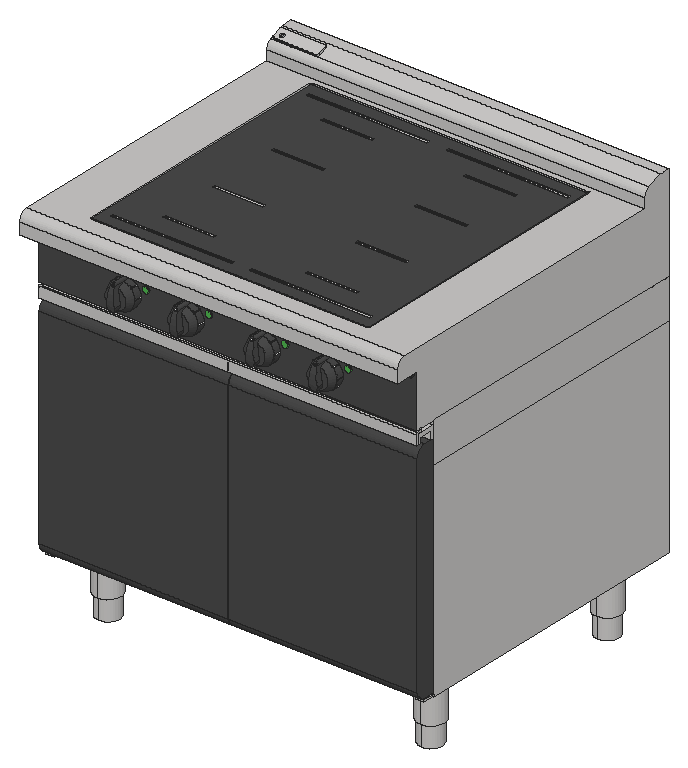
Revit family "QF_Moffat_INLB8400F-CD_Induction_Cooktop_cat", category Specialty Equipment, Revit 2019
Family settings
  Round Connector Dimension = Use Diameter
  Part Type = Normal
  Work Plane-Based = No
  Always vertical = Yes
  Cut with Voids When Loaded = No
  Shared = No
  Room Calculation Point = No
Parameters (values of type "INLB8400F-CD_415/60/3")
  Weight in Kilograms = 105
  Watts = 20000 W
  Volts = 415 V
  URL Cutsheet = ""
  Specification by User = ""
  Specification by Manufacturer = ""
  Show Logo [instance] = yes
  Serial Number = ""
  Seismic Rating = ""
  SMACNA No = ""
  Revision Code = ""
  Phase = 3
  Number of Poles = 1
  NAFEM Spec ID Number = ""
  Model = "INLB8400F-CD"
  Min Ckt Ampacity = 0 A
  Max Overcurrent Protection = 0 A
  Masterspec = ""
  Manufacturer = "Moffat"
  Length = 900 mm
  Item Number = ""
  Installed By = ""
  Identify Quantity as Lot = yes
  Height = 970 mm
  HP = ""
  Furnished By = ""
  Foodservice Equipment Identifier = yes
  FL Amps = 28 A
  Electrical Remarks = ""
  Electric Connection Type = ""
  Elec Conn RI Height = 0 mm
  Elec Conn Connection Height = 0 mm
  Description = "Induction Cooktop"
  Depth = 805 mm
  Cycle = 60 Hz
  Conn Plug = ""
  Conn Conduit = yes
  CSI MasterFormat = ""
  Apparent Power = 19376 VA
Reference planes
  plane 1 "BACK": y = 0
  plane 2: z = 0
  plane 3 "LEFT": x = 0
  plane 4 "RIGHT": x = 900
  plane 5 "FRONT": y = -805
  plane 6 "TOP": z = 970
  plane 7 "Center Y": x = 450
  plane 8 "Center X": y = -402.5
  plane 9: x = 65.5
  plane 10: x = 834.5
  plane 11: y = -30
  plane 12: z = 150
  plane 13: y = -100
  plane 14: y = -625
  plane 15: y = -70
  plane 16: z = 915
  plane 17: x = 770
Forms (mm)
  Extrusion 1, solid, material "QF_Metal_Stainless_Polished"
    sketch origin (0, 0, 560) x (0, 1, 0) y (0, 0, 1)
      loop
        line (0, 180) -> (0, 410) -> (-24.305, 410) -> (-57.632, 395.853)
        arc (-57.632, 395.853) -> (-66.628, 388.372) -> (-70, 377.167) r 20.3
        line (-70, 377.167) -> (-70, 355) -> (-784.417, 355)
        arc (-784.417, 355) -> (-798.971, 348.971) -> (-805, 334.417) r 20.583
        line (-805, 334.417) -> (-805, 305) -> (-749, 305) -> (-749, 180) -> (0, 180)
    from 0 to 900
  Extrusion 2, void
    sketch origin (0, -784.171, 915) x (0, 1, 0) y (-1, 0, 0)
      loop
        arc (699.341, -122.382) -> (697.584, -118.139) -> (693.341, -116.382) r 6
        line (693.341, -116.382) -> (45.245, -116.382)
        arc (45.245, -116.382) -> (41.002, -118.139) -> (39.245, -122.382) r 6
        line (39.245, -122.382) -> (39.245, -777.618)
        arc (39.245, -777.618) -> (41.002, -781.861) -> (45.245, -783.618) r 6
        line (45.245, -783.618) -> (693.341, -783.618)
        arc (693.341, -783.618) -> (697.584, -781.861) -> (699.341, -777.618) r 6
        line (699.341, -777.618) -> (699.341, -122.382)
    from 0 to -9.5
  Extrusion 3, solid, material "QF_Plastic_Black_Smooth"
    sketch origin (0, -784.171, 915) x (0, 1, 0) y (-1, 0, 0)
      loop
        line (695.341, -777.618) -> (695.341, -122.382)
        arc (695.341, -122.382) -> (694.755, -120.968) -> (693.341, -120.382) r 2
        line (693.341, -120.382) -> (45.245, -120.382)
        arc (45.245, -120.382) -> (43.831, -120.968) -> (43.245, -122.382) r 2
        line (43.245, -122.382) -> (43.245, -777.618)
        arc (43.245, -777.618) -> (43.831, -779.032) -> (45.245, -779.618) r 2
        line (45.245, -779.618) -> (693.341, -779.618)
        arc (693.341, -779.618) -> (694.755, -779.032) -> (695.341, -777.618) r 2
      loop
        line (663.444, -138.924) -> (657.444, -138.924) -> (657.444, -426.076) -> (663.444, -426.076) -> (663.444, -138.924)
      loop
        line (78.838, -141.424) -> (72.838, -141.424) -> (72.838, -428.576) -> (78.838, -428.576) -> (78.838, -141.424)
      loop
        line (663.444, -761.076) -> (663.444, -473.924) -> (657.444, -473.924) -> (657.444, -761.076) -> (663.444, -761.076)
      loop
        line (78.838, -758.576) -> (78.838, -471.424) -> (72.838, -471.424) -> (72.838, -758.576) -> (78.838, -758.576)
      loop
        line (600.671, -220) -> (600.671, -340) -> (606.671, -340) -> (606.671, -220) -> (600.671, -220)
      loop
        line (454.421, -220) -> (454.421, -340) -> (460.421, -340) -> (460.421, -220) -> (454.421, -220)
      loop
        line (283.728, -340) -> (283.728, -220) -> (277.728, -220) -> (277.728, -340) -> (283.728, -340)
      loop
        line (136.404, -340) -> (136.404, -220) -> (130.404, -220) -> (130.404, -340) -> (136.404, -340)
      loop
        line (600.671, -680) -> (606.671, -680) -> (606.671, -560) -> (600.671, -560) -> (600.671, -680)
      loop
        line (454.421, -680) -> (460.421, -680) -> (460.421, -560) -> (454.421, -560) -> (454.421, -680)
      loop
        line (283.728, -560) -> (277.728, -560) -> (277.728, -680) -> (283.728, -680) -> (283.728, -560)
      loop
        line (136.404, -560) -> (130.404, -560) -> (130.404, -680) -> (136.404, -680) -> (136.404, -560)
    from 0 to -9.5
  Extrusion 4, solid, material "QF_Metal_Stainless_Polished"
    sketch origin (0, 0, 600) x (0, 1, 0) y (0, 0, 1)
      loop
        line (-739.467, 140) -> (-738.192, 134.838)
        arc (-738.192, 134.838) -> (-738.307, 134.302) -> (-738.799, 134.063) r 0.625
        line (-738.799, 134.063) -> (-746.111, 134.063)
        arc (-746.111, 134.063) -> (-748.011, 133.276) -> (-748.797, 131.377) r 2.686
        line (-748.797, 131.377) -> (-748.797, 107.627) -> (-747.197, 107.627) -> (-747.197, 131.242)
        arc (-747.197, 131.242) -> (-746.84, 132.105) -> (-745.976, 132.463) r 1.221
        line (-745.976, 132.463) -> (-738.755, 132.463)
        arc (-738.755, 132.463) -> (-737.028, 133.304) -> (-736.625, 135.182) r 2.194
        line (-736.625, 135.182) -> (-737.815, 140) -> (-739.467, 140)
    from 0 to 900
  Extrusion 5, solid, material "QF_Plastic_Black_Smooth"
    sketch origin (0, -749, 741.875) x (0, 0, 1) y (-1, 0, 0)
      loop
        circle (112.843, -13.157) r 5
      loop
        circle (112.843, -886.843) r 5
    from 0 to 1.6
  Extrusion 6, solid, material "QF_Metal_Stainless_Polished"
    sketch origin (450, -699, 645) x (0, 1, 0) y (1, 0, 0)
      loop
        circle (669, 320) r 6.35
    from 0 to 10
  Extrusion 7, solid, material "QF_Metal_Stainless_Polished"
    sketch origin (0, -699, 645) x (1, 0, 0) y (0, -1, 0)
      loop
        line (0, -699) -> (900, -699) -> (900, 0) -> (849.2, 0) -> (849.2, -25.4) -> (485.8, -25.4) -> (485.8, 0) -> (414.2, 0) -> (414.2, -25.4) -> (50.8, -25.4) -> (50.8, 0) -> (0, 0) -> (0, -699)
    from 0 to -95
  Extrusion 8, solid, material "QF_Metal_Stainless_Polished"
    sketch origin (50.8, -30, 645) x (0, 1, 0) y (0, 0, 1)
      loop
        line (-669, 0) -> (-643.6, 0) -> (-643.6, 26.45) -> (-669, 26.45) -> (-669, 0)
      loop
        line (-669, 32.45) -> (-643.6, 32.45) -> (-643.6, 66.4) -> (-669, 66.4) -> (-669, 32.45)
      loop
        line (-669, 67.4) -> (-643.6, 67.4) -> (-643.6, 95) -> (-669, 95) -> (-669, 67.4)
    from 0 to 363.4
  Extrusion 9, solid, material "QF_Metal_Stainless_Polished"
    sketch origin (900, 0, 560) x (-1, 0, 0) y (0, -1, 0)
      loop
        line (761.076, 126.726) -> (473.924, 126.726) -> (473.924, 120.726) -> (761.076, 120.726) -> (761.076, 126.726)
      loop
        line (680, 183.5) -> (560, 183.5) -> (560, 177.5) -> (680, 177.5) -> (680, 183.5)
      loop
        line (680, 329.75) -> (560, 329.75) -> (560, 323.75) -> (680, 323.75) -> (680, 329.75)
      loop
        line (680, 506.443) -> (560, 506.443) -> (560, 500.443) -> (680, 500.443) -> (680, 506.443)
      loop
        line (680, 653.766) -> (560, 653.766) -> (560, 647.766) -> (680, 647.766) -> (680, 653.766)
      loop
        line (758.576, 711.333) -> (471.424, 711.333) -> (471.424, 705.333) -> (758.576, 705.333) -> (758.576, 711.333)
      loop
        line (138.924, 126.726) -> (138.924, 120.726) -> (426.076, 120.726) -> (426.076, 126.726) -> (138.924, 126.726)
      loop
        line (220, 183.5) -> (220, 177.5) -> (340, 177.5) -> (340, 183.5) -> (220, 183.5)
      loop
        line (220, 329.75) -> (220, 323.75) -> (340, 323.75) -> (340, 329.75) -> (220, 329.75)
      loop
        line (220, 506.443) -> (220, 500.443) -> (340, 500.443) -> (340, 506.443) -> (220, 506.443)
      loop
        line (220, 653.766) -> (220, 647.766) -> (340, 647.766) -> (340, 653.766) -> (220, 653.766)
      loop
        line (141.424, 711.333) -> (141.424, 705.333) -> (428.576, 705.333) -> (428.576, 711.333) -> (141.424, 711.333)
    from 355 to 345.5
  Extrusion 10, solid, material "QF_Paint_Green"
    sketch origin (123.231, -748.999, 713.75) x (0, 0, 1) y (-1, 0, 0)
      loop
        circle (100.3, -282.5) r 7.15
    from 0 to 1.6
  Extrusion 11, solid, material "QF_Plastic_Black_Smooth"
    sketch origin (135, -748.999, 725.625) x (0, 0, 1) y (-1, 0, 0)
      loop
        circle (112.843, -225) r 5
    from 0 to 1.6
  Extrusion 12, solid, material "QF_Paint_Green"
    sketch origin (-26.769, -748.999, 713.75) x (0, 0, 1) y (-1, 0, 0)
      loop
        circle (100.3, -282.5) r 7.15
    from 0 to 1.6
  Extrusion 13, solid, material "QF_Plastic_Black_Smooth"
    sketch origin (-15, -748.999, 725.625) x (0, 0, 1) y (-1, 0, 0)
      loop
        circle (112.843, -225) r 5
    from 0 to 1.6
  Extrusion 14, solid, material "QF_Paint_Green"
    sketch origin (454.481, -748.999, 713.75) x (0, 0, 1) y (-1, 0, 0)
      loop
        circle (100.3, -282.5) r 7.15
    from 0 to 1.6
  Extrusion 15, solid, material "QF_Plastic_Black_Smooth"
    sketch origin (466.25, -748.999, 725.625) x (0, 0, 1) y (-1, 0, 0)
      loop
        circle (112.843, -225) r 5
    from 0 to 1.6
  Extrusion 16, solid, material "QF_Paint_Green"
    sketch origin (304.481, -748.999, 713.75) x (0, 0, 1) y (-1, 0, 0)
      loop
        circle (100.3, -282.5) r 7.15
    from 0 to 1.6
  Extrusion 17, solid, material "QF_Plastic_Black_Smooth"
    sketch origin (316.25, -748.999, 725.625) x (0, 0, 1) y (-1, 0, 0)
      loop
        circle (112.843, -225) r 5
    from 0 to 1.6
  Extrusion 18, solid, material "QF_Metal_Stainless_Polished"
    sketch origin (849.2, -30, 645) x (0, 1, 0) y (0, 0, -1)
      loop
        line (-669, 0) -> (-669, -26.45) -> (-643.6, -26.45) -> (-643.6, 0) -> (-669, 0)
      loop
        line (-669, -32.45) -> (-669, -66.4) -> (-643.6, -66.4) -> (-643.6, -32.45) -> (-669, -32.45)
      loop
        line (-669, -67.4) -> (-669, -95) -> (-643.6, -95) -> (-643.6, -67.4) -> (-669, -67.4)
    from 0 to 363.4
Cuts and joins
  Extrusion 2 cuts Extrusion 1
Lines and regions (mm)
  symbolic lines
    curve 1: line (0, 0, 0) -> (900, 0, 0)
    curve 2: line (0, -805, 0) -> (0, 0, 0)
    curve 3: line (900, -805, 0) -> (0, -805, 0)
    curve 4: line (900, 0, 0) -> (900, -805, 0)
    curve 5: line (0, -18.182, 0) -> (900, -18.182, 0)
    curve 6: line (0, -70, 0) -> (450, -70, 0)
    curve 7: line (122.382, -84.83, 0) -> (777.618, -84.83, 0)
    curve 8: arc (777.618, -84.83, 0) -> (781.861, -86.587, 0) -> (783.618, -90.83, 0) r 6
    curve 9: line (783.618, -90.83, 0) -> (783.618, -738.926, 0)
    curve 10: arc (783.618, -738.926, 0) -> (781.861, -743.168, 0) -> (777.618, -744.926, 0) r 6
    curve 11: line (777.618, -744.926, 0) -> (122.382, -744.926, 0)
    curve 12: arc (122.382, -744.926, 0) -> (118.139, -743.168, 0) -> (116.382, -738.926, 0) r 6
    curve 13: line (116.382, -738.926, 0) -> (116.382, -90.83, 0)
    curve 14: arc (116.382, -90.83, 0) -> (118.139, -86.587, 0) -> (122.382, -84.83, 0) r 6
    curve 15: line (777.618, -88.83, 0) -> (122.382, -88.83, 0)
    curve 16: arc (122.382, -88.83, 0) -> (120.968, -89.415, 0) -> (120.382, -90.83, 0) r 2
    curve 17: line (120.382, -90.83, 0) -> (120.382, -738.926, 0)
    curve 18: arc (120.382, -738.926, 0) -> (120.968, -740.34, 0) -> (122.382, -740.926, 0) r 2
    curve 19: line (122.382, -740.926, 0) -> (777.618, -740.926, 0)
    curve 20: arc (777.618, -740.926, 0) -> (779.032, -740.34, 0) -> (779.618, -738.926, 0) r 2
    curve 21: line (779.618, -738.926, 0) -> (779.618, -90.83, 0)
    curve 22: arc (779.618, -90.83, 0) -> (779.032, -89.415, 0) -> (777.618, -88.83, 0) r 2
    curve 23: line (783.618, -738.926, 0) -> (783.618, -90.83, 0)
    curve 24: line (779.618, -90.83, 0) -> (779.618, -738.926, 0)
    curve 25: line (138.924, -126.726, 0) -> (426.076, -126.726, 0)
    curve 26: line (426.076, -126.726, 0) -> (426.076, -120.726, 0)
    curve 27: line (426.076, -120.726, 0) -> (138.924, -120.726, 0)
    curve 28: line (138.924, -120.726, 0) -> (138.924, -126.726, 0)
    curve 29: line (220, -183.5, 0) -> (340, -183.5, 0)
    curve 30: line (340, -183.5, 0) -> (340, -177.5, 0)
    curve 31: line (340, -177.5, 0) -> (220, -177.5, 0)
    curve 32: line (220, -177.5, 0) -> (220, -183.5, 0)
    curve 33: line (220, -329.75, 0) -> (340, -329.75, 0)
    curve 34: line (340, -329.75, 0) -> (340, -323.75, 0)
    curve 35: line (340, -323.75, 0) -> (220, -323.75, 0)
    curve 36: line (220, -323.75, 0) -> (220, -329.75, 0)
    curve 37: line (220, -506.443, 0) -> (340, -506.443, 0)
    curve 38: line (340, -506.443, 0) -> (340, -500.443, 0)
    curve 39: line (340, -500.443, 0) -> (220, -500.443, 0)
    curve 40: line (220, -500.443, 0) -> (220, -506.443, 0)
    curve 41: line (220, -653.766, 0) -> (340, -653.766, 0)
    curve 42: line (340, -653.766, 0) -> (340, -647.766, 0)
    curve 43: line (340, -647.766, 0) -> (220, -647.766, 0)
    curve 44: line (220, -647.766, 0) -> (220, -653.766, 0)
    curve 45: line (141.424, -711.333, 0) -> (428.576, -711.333, 0)
    curve 46: line (428.576, -711.333, 0) -> (428.576, -705.333, 0)
    curve 47: line (428.576, -705.333, 0) -> (141.424, -705.333, 0)
    curve 48: line (141.424, -705.333, 0) -> (141.424, -711.333, 0)
    curve 49: line (471.424, -711.333, 0) -> (758.576, -711.333, 0)
    curve 50: line (758.576, -711.333, 0) -> (758.576, -705.333, 0)
    curve 51: line (758.576, -705.333, 0) -> (471.424, -705.333, 0)
    curve 52: line (471.424, -705.333, 0) -> (471.424, -711.333, 0)
    curve 53: line (680, -653.766, 0) -> (560, -653.766, 0)
    curve 54: line (560, -653.766, 0) -> (560, -647.766, 0)
    curve 55: line (560, -647.766, 0) -> (680, -647.766, 0)
    curve 56: line (680, -647.766, 0) -> (680, -653.766, 0)
    curve 57: line (560, -506.443, 0) -> (680, -506.443, 0)
    curve 58: line (680, -506.443, 0) -> (680, -500.443, 0)
    curve 59: line (680, -500.443, 0) -> (560, -500.443, 0)
    curve 60: line (560, -500.443, 0) -> (560, -506.443, 0)
    curve 61: line (560, -329.75, 0) -> (680, -329.75, 0)
    curve 62: line (680, -329.75, 0) -> (680, -323.75, 0)
    curve 63: line (680, -323.75, 0) -> (560, -323.75, 0)
    curve 64: line (560, -323.75, 0) -> (560, -329.75, 0)
    curve 65: line (680, -177.5, 0) -> (560, -177.5, 0)
    curve 66: line (560, -177.5, 0) -> (560, -183.5, 0)
    curve 67: line (560, -183.5, 0) -> (680, -183.5, 0)
    curve 68: line (680, -183.5, 0) -> (680, -177.5, 0)
    curve 69: line (473.924, -126.726, 0) -> (761.076, -126.726, 0)
    curve 70: line (761.076, -126.726, 0) -> (761.076, -120.726, 0)
    curve 71: line (761.076, -120.726, 0) -> (473.924, -120.726, 0)
    curve 72: line (473.924, -120.726, 0) -> (473.924, -126.726, 0)
    curve 73: line (0, 0, 560) -> (900, 0, 560)
    curve 74: line (0, -805, 560) -> (0, 0, 560)
    curve 75: line (900, -805, 560) -> (0, -805, 560)
    curve 76: line (900, 0, 560) -> (900, -805, 560)
    curve 77: line (0, -18.182, 560) -> (900, -18.182, 560)
    curve 78: line (0, -70, 560) -> (900, -70, 560)
    curve 79: line (122.382, -84.83, 560) -> (777.618, -84.83, 560)
    curve 80: arc (777.618, -84.83, 560) -> (781.861, -86.587, 560) -> (783.618, -90.83, 560) r 6
    curve 81: line (783.618, -90.83, 560) -> (783.618, -738.926, 560)
    curve 82: arc (783.618, -738.926, 560) -> (781.861, -743.168, 560) -> (777.618, -744.926, 560) r 6
    curve 83: line (777.618, -744.926, 560) -> (122.382, -744.926, 560)
    curve 84: arc (122.382, -744.926, 560) -> (118.139, -743.168, 560) -> (116.382, -738.926, 560) r 6
    curve 85: line (116.382, -738.926, 560) -> (116.382, -90.83, 560)
    curve 86: arc (116.382, -90.83, 560) -> (118.139, -86.587, 560) -> (122.382, -84.83, 560) r 6
    curve 87: line (777.618, -88.83, 560) -> (122.382, -88.83, 560)
    curve 88: arc (122.382, -88.83, 560) -> (120.968, -89.415, 560) -> (120.382, -90.83, 560) r 2
    curve 89: line (120.382, -90.83, 560) -> (120.382, -738.926, 560)
    curve 90: arc (120.382, -738.926, 560) -> (120.968, -740.34, 560) -> (122.382, -740.926, 560) r 2
    curve 91: line (122.382, -740.926, 560) -> (777.618, -740.926, 560)
    curve 92: arc (777.618, -740.926, 560) -> (779.032, -740.34, 560) -> (779.618, -738.926, 560) r 2
    curve 93: line (779.618, -738.926, 560) -> (779.618, -90.83, 560)
    curve 94: arc (779.618, -90.83, 560) -> (779.032, -89.415, 560) -> (777.618, -88.83, 560) r 2
    curve 95: line (783.618, -738.926, 560) -> (783.618, -90.83, 560)
    curve 96: line (779.618, -90.83, 560) -> (779.618, -738.926, 560)
    curve 97: line (138.924, -126.726, 560) -> (426.076, -126.726, 560)
    curve 98: line (426.076, -126.726, 560) -> (426.076, -120.726, 560)
    curve 99: line (426.076, -120.726, 560) -> (138.924, -120.726, 560)
    curve 100: line (138.924, -120.726, 560) -> (138.924, -126.726, 560)
    curve 101: line (220, -183.5, 560) -> (340, -183.5, 560)
    curve 102: line (340, -183.5, 560) -> (340, -177.5, 560)
    curve 103: line (340, -177.5, 560) -> (220, -177.5, 560)
    curve 104: line (220, -177.5, 560) -> (220, -183.5, 560)
    curve 105: line (220, -329.75, 560) -> (340, -329.75, 560)
    curve 106: line (340, -329.75, 560) -> (340, -323.75, 560)
    curve 107: line (340, -323.75, 560) -> (220, -323.75, 560)
    curve 108: line (220, -323.75, 560) -> (220, -329.75, 560)
    curve 109: line (220, -506.443, 560) -> (340, -506.443, 560)
    curve 110: line (340, -506.443, 560) -> (340, -500.443, 560)
    curve 111: line (340, -500.443, 560) -> (220, -500.443, 560)
    curve 112: line (220, -500.443, 560) -> (220, -506.443, 560)
    curve 113: line (220, -653.766, 560) -> (340, -653.766, 560)
    curve 114: line (340, -653.766, 560) -> (340, -647.766, 560)
    curve 115: line (340, -647.766, 560) -> (220, -647.766, 560)
    curve 116: line (220, -647.766, 560) -> (220, -653.766, 560)
    curve 117: line (141.424, -711.333, 560) -> (428.576, -711.333, 560)
    curve 118: line (428.576, -711.333, 560) -> (428.576, -705.333, 560)
    curve 119: line (428.576, -705.333, 560) -> (141.424, -705.333, 560)
    curve 120: line (141.424, -705.333, 560) -> (141.424, -711.333, 560)
    curve 121: line (471.424, -711.333, 560) -> (758.576, -711.333, 560)
    curve 122: line (758.576, -711.333, 560) -> (758.576, -705.333, 560)
    curve 123: line (758.576, -705.333, 560) -> (471.424, -705.333, 560)
    curve 124: line (471.424, -705.333, 560) -> (471.424, -711.333, 560)
    curve 125: line (680, -653.766, 560) -> (560, -653.766, 560)
    curve 126: line (560, -653.766, 560) -> (560, -647.766, 560)
    curve 127: line (560, -647.766, 560) -> (680, -647.766, 560)
    curve 128: line (680, -647.766, 560) -> (680, -653.766, 560)
    curve 129: line (560, -506.443, 560) -> (680, -506.443, 560)
    curve 130: line (680, -506.443, 560) -> (680, -500.443, 560)
    curve 131: line (680, -500.443, 560) -> (560, -500.443, 560)
    curve 132: line (560, -500.443, 560) -> (560, -506.443, 560)
    curve 133: line (560, -329.75, 560) -> (680, -329.75, 560)
    curve 134: line (680, -329.75, 560) -> (680, -323.75, 560)
    curve 135: line (680, -323.75, 560) -> (560, -323.75, 560)
    curve 136: line (560, -323.75, 560) -> (560, -329.75, 560)
    curve 137: line (680, -177.5, 560) -> (560, -177.5, 560)
    curve 138: line (560, -177.5, 560) -> (560, -183.5, 560)
    curve 139: line (560, -183.5, 560) -> (680, -183.5, 560)
    curve 140: line (680, -183.5, 560) -> (680, -177.5, 560)
    curve 141: line (473.924, -126.726, 560) -> (761.076, -126.726, 560)
    curve 142: line (761.076, -126.726, 560) -> (761.076, -120.726, 560)
    curve 143: line (761.076, -120.726, 560) -> (473.924, -120.726, 560)
    curve 144: line (473.924, -120.726, 560) -> (473.924, -126.726, 560)
Dimensions and locks
  equal spacing: plane 3 "LEFT", plane 7 "Center Y", plane 4 "RIGHT"
  "Length": plane 3 "LEFT" to plane 4 "RIGHT"
  equal spacing: plane 5 "FRONT", plane 8 "Center X", plane 1 "BACK"
  "Depth": plane 5 "FRONT" to plane 1 "BACK"
  "Height": plane 6 "TOP" to level
  plane 9 to plane 10 = 769 mm
  plane 4 "RIGHT" to plane 3 "LEFT" = 900 mm
  plane 6 "TOP" to plane 2 = 970 mm
  plane 1 "BACK" to plane 11 = 30 mm
  plane 1 "BACK" to plane 13 to plane 14 = 100 mm, 525 mm
  plane 1 "BACK" to plane 15 = 70 mm
  plane 16 to level = 915 mm  (x2)
  level to plane 12 = 150 mm
  plane 12 to level = 150 mm
  plane 4 "RIGHT" to plane 17 = 130 mm
  plane 1 "BACK" to plane 5 "FRONT" = 805 mm
  locked: plane 10 to plane 4 "RIGHT" at 65.5
  Extrusion 6 to level = 635 mm
  aligned and locked: level to plane 2
  aligned and locked: Extrusion 18 to Extrusion 7  (x2)
Automatic sketch dimensions
  curve 8 to curve 22 = 0 mm  (x2)
  curve 10 to curve 20 = 0 mm  (x2)
  curve 12 to curve 18 = 0 mm  (x2)
  curve 14 to curve 16 = 0 mm  (x2)
  plane 1 "BACK" to curve 1 = 0 mm
  curve 1 to plane 3 "LEFT" = 0 mm
  curve 6 to plane 7 "Center Y" = 0 mm
  curve 1 to plane 4 "RIGHT" = 0 mm
  plane 5 "FRONT" to curve 3 = 0 mm
  plane 15 to curve 6 = 0 mm
  curve 13 to plane 9 = 50.882 mm
  curve 13 to curve 17 = 4 mm
  curve 17 to curve 16 = 2 mm
  curve 17 to curve 18 = 2 mm
  curve 14 to curve 25 = 16.542 mm
  curve 18 to curve 48 = 19.042 mm
  curve 40 to plane 9 = 154.5 mm
  plane 14 to curve 44 = 22.766 mm
  curve 47 to curve 44 = 78.576 mm
  curve 25 to curve 29 = 81.076 mm
  plane 8 "Center X" to curve 36 = 72.75 mm
  curve 36 to curve 29 = 0 mm
  curve 34 to plane 7 "Center Y" = 110 mm
  curve 37 to plane 7 "Center Y" = 110 mm
  plane 14 to curve 41 = 28.766 mm
  curve 41 to plane 7 "Center Y" = 110 mm
  curve 31 to plane 7 "Center Y" = 110 mm
  curve 26 to plane 7 "Center Y" = 23.924 mm
  curve 45 to plane 7 "Center Y" = 21.424 mm
  plane 7 "Center Y" to curve 52 = 21.424 mm
  plane 7 "Center Y" to curve 72 = 23.924 mm
  curve 69 to curve 67 = 86.076 mm
  plane 7 "Center Y" to curve 64 = 110 mm
  plane 7 "Center Y" to curve 60 = 110 mm
  plane 14 to curve 55 = 22.766 mm
  curve 51 to curve 55 = 88.576 mm
  plane 14 to curve 56 = 28.766 mm
  curve 56 to plane 17 = 90 mm
  curve 63 to plane 17 = 90 mm
  curve 68 to plane 17 = 90 mm
  curve 59 to plane 17 = 90 mm
  curve 51 to plane 17 = 11.424 mm
  curve 69 to plane 17 = 8.924 mm
  plane 17 to curve 10 = 7.618 mm
  plane 17 to curve 7 = 7.618 mm
  curve 8 to curve 21 = 2 mm
  curve 11 to plane 5 "FRONT" = 60.074 mm
  curve 10 to curve 50 = 27.593 mm
  curve 18 to curve 45 = 27.593 mm
  curve 45 to curve 47 = 6 mm
  curve 49 to curve 51 = 6 mm
  curve 60 to plane 8 "Center X" = 103.943 mm
  curve 40 to plane 8 "Center X" = 103.943 mm
  curve 57 to curve 59 = 6 mm
  curve 37 to curve 40 = 6 mm
  plane 8 "Center X" to curve 62 = 72.75 mm
  curve 61 to curve 64 = 6 mm
  curve 33 to curve 34 = 6 mm
  plane 13 to curve 29 = 83.5 mm
  plane 13 to curve 67 = 83.5 mm
  curve 29 to curve 31 = 6 mm
  curve 67 to curve 68 = 6 mm
  plane 13 to curve 25 = 26.726 mm
  plane 13 to curve 72 = 26.726 mm
  curve 25 to curve 28 = 6 mm
  curve 69 to curve 71 = 6 mm
  curve 21 to plane 13 = 9.17 mm
  curve 5 to plane 11 = 11.818 mm
  Extrusion 2 sketch curve to Extrusion 1 = 39.492 mm
  Extrusion 2 sketch curve to Extrusion 2 sketch curve = 6 mm  (x3)
  Extrusion 1 to Extrusion 2 sketch curve = 20.83 mm  (x2)
  Extrusion 1 to Extrusion 2 sketch curve = 116.382 mm
  Extrusion 1 to Extrusion 2 sketch curve = 122.382 mm
  Extrusion 3 sketch curve to Extrusion 1 = 43.492 mm
  Extrusion 3 sketch curve to Extrusion 3 sketch curve = 2 mm  (x3)
  Extrusion 3 sketch curve to Extrusion 1 = 73.085 mm
  Extrusion 3 sketch curve to Extrusion 3 sketch curve = 0 mm  (x5)
  Extrusion 3 sketch curve to Extrusion 3 sketch curve = 6 mm  (x12)
  Extrusion 3 sketch curve to Extrusion 3 sketch curve = 51.566 mm  (x2)
  Extrusion 3 sketch curve to Extrusion 3 sketch curve = 141.323 mm  (x2)
  Extrusion 3 sketch curve to Extrusion 3 sketch curve = 170.693 mm  (x2)
  Extrusion 1 to Extrusion 3 sketch curve = 113.5 mm  (x2)
  Extrusion 1 to Extrusion 3 sketch curve = 56.726 mm
  Extrusion 1 to Extrusion 3 sketch curve = 20.83 mm  (x2)
  Extrusion 1 to Extrusion 3 sketch curve = 120.382 mm
  Extrusion 3 sketch curve to Extrusion 3 sketch curve = 16.542 mm
  Extrusion 3 sketch curve to Extrusion 3 sketch curve = 19.042 mm  (x2)
  Extrusion 3 sketch curve to Extrusion 3 sketch curve = 81.076 mm  (x2)
  Extrusion 3 sketch curve to Extrusion 3 sketch curve = 78.576 mm  (x3)
  Extrusion 3 sketch curve to Extrusion 3 sketch curve = 120 mm  (x8)
  Extrusion 3 sketch curve to Extrusion 3 sketch curve = 86.076 mm  (x2)
  Extrusion 3 sketch curve to Extrusion 3 sketch curve = 88.576 mm  (x2)
  Extrusion 3 sketch curve to Extrusion 3 sketch curve = 42.848 mm
  Extrusion 3 sketch curve to Extrusion 3 sketch curve = 47.848 mm
  Extrusion 4 sketch curve to plane 5 "FRONT" = 56.203 mm
  Extrusion 4 sketch curve to Extrusion 4 sketch curve = 1.6 mm
  Extrusion 4 sketch curve to Extrusion 4 sketch curve = 1.086 mm
  Extrusion 4 sketch curve to Extrusion 4 sketch curve = 0.135 mm  (x2)
  Extrusion 4 sketch curve to Extrusion 4 sketch curve = 6.644 mm
  Extrusion 4 sketch curve to Extrusion 4 sketch curve = 0.668 mm
  Extrusion 4 sketch curve to Extrusion 4 sketch curve = 0.044 mm
  Extrusion 4 sketch curve to Extrusion 4 sketch curve = 0.563 mm
  Extrusion 4 sketch curve to Extrusion 4 sketch curve = 1.652 mm
  Extrusion 4 sketch curve to Extrusion 4 sketch curve = 1.567 mm
  Extrusion 4 sketch curve to plane 16 = 207.373 mm
  Extrusion 4 sketch curve to Extrusion 4 sketch curve = 23.614 mm
  Extrusion 4 sketch curve to Extrusion 4 sketch curve = 0.594 mm
  Extrusion 4 sketch curve to Extrusion 4 sketch curve = 0.032 mm
  Extrusion 4 sketch curve to Extrusion 4 sketch curve = 5.162 mm
  Extrusion 1 to Extrusion 5 sketch curve = 10.282 mm  (x2)
  Extrusion 1 to Extrusion 5 sketch curve = 13.157 mm  (x2)
  Extrusion 7 to Extrusion 6 sketch curve = 30 mm
  Extrusion 6 sketch curve to Extrusion 7 = 79.2 mm
  Extrusion 7 sketch curve to plane 3 "LEFT" = 0 mm
  Extrusion 7 sketch curve to plane 4 "RIGHT" = 0 mm
  plane 1 "BACK" to Extrusion 7 sketch curve = 0 mm
  plane 9 to Extrusion 7 sketch curve = 14.7 mm
  Extrusion 7 sketch curve to plane 7 "Center Y" = 35.8 mm
  plane 7 "Center Y" to Extrusion 7 sketch curve = 35.8 mm
  Extrusion 7 sketch curve to plane 10 = 14.7 mm
  plane 14 to Extrusion 7 sketch curve = 48.6 mm  (x2)
  Extrusion 7 sketch curve to Extrusion 7 sketch curve = 25.4 mm  (x3)
  Extrusion 8 sketch curve to Extrusion 7 = 0 mm  (x8)
  Extrusion 7 to Extrusion 8 sketch curve = 26.45 mm
  Extrusion 8 sketch curve to Extrusion 8 sketch curve = 6 mm
  Extrusion 7 to Extrusion 8 sketch curve = 28.6 mm
  Extrusion 8 sketch curve to Extrusion 8 sketch curve = 1 mm
  plane 17 to Extrusion 9 sketch curve = 8.924 mm
  plane 17 to Extrusion 9 sketch curve = 11.424 mm
  Extrusion 9 sketch curve to plane 14 = 28.766 mm  (x2)
  plane 17 to Extrusion 9 sketch curve = 90 mm  (x4)
  Extrusion 9 sketch curve to plane 7 "Center Y" = 110 mm  (x4)
  Extrusion 9 sketch curve to plane 14 = 22.766 mm
  Extrusion 9 sketch curve to plane 7 "Center Y" = 23.924 mm
  Extrusion 9 sketch curve to plane 7 "Center Y" = 21.424 mm
  plane 7 "Center Y" to Extrusion 9 sketch curve = 21.424 mm
  plane 7 "Center Y" to Extrusion 9 sketch curve = 23.924 mm
  plane 7 "Center Y" to Extrusion 9 sketch curve = 110 mm  (x2)
  Extrusion 9 sketch curve to Extrusion 9 sketch curve = 88.576 mm
  Extrusion 9 sketch curve to Extrusion 9 sketch curve = 86.076 mm
  Extrusion 9 sketch curve to Extrusion 9 sketch curve = 120 mm  (x4)
  plane 9 to Extrusion 9 sketch curve = 75.924 mm
  Extrusion 9 sketch curve to plane 13 = 20.726 mm
  plane 9 to Extrusion 9 sketch curve = 73.424 mm
  Extrusion 9 sketch curve to plane 14 = 80.333 mm  (x2)
  Extrusion 9 sketch curve to Extrusion 9 sketch curve = 6 mm  (x11)
  plane 8 "Center X" to Extrusion 9 sketch curve = 103.943 mm  (x2)
  Extrusion 9 sketch curve to plane 8 "Center X" = 72.75 mm  (x2)
  Extrusion 9 sketch curve to plane 13 = 83.5 mm  (x2)
  Extrusion 9 sketch curve to plane 13 = 26.726 mm
  Extrusion 10 sketch curve to plane 7 "Center Y" = 44.269 mm
  Extrusion 10 sketch curve to plane 16 = 100.95 mm
  Extrusion 11 sketch curve to plane 16 = 76.532 mm
  Extrusion 11 sketch curve to plane 7 "Center Y" = 90 mm
  Extrusion 12 sketch curve to plane 16 = 100.95 mm
  Extrusion 12 sketch curve to plane 9 = 190.231 mm
  Extrusion 13 sketch curve to plane 16 = 76.532 mm
  Extrusion 13 sketch curve to plane 9 = 144.5 mm
  Extrusion 14 sketch curve to plane 17 = 33.019 mm
  Extrusion 14 sketch curve to plane 16 = 100.95 mm
  Extrusion 15 sketch curve to plane 16 = 76.532 mm
  Extrusion 15 sketch curve to plane 17 = 78.75 mm
  Extrusion 16 sketch curve to plane 16 = 100.95 mm
  plane 7 "Center Y" to Extrusion 16 sketch curve = 136.981 mm
  Extrusion 17 sketch curve to plane 16 = 76.532 mm
  plane 7 "Center Y" to Extrusion 17 sketch curve = 91.25 mm
  plane 14 to Extrusion 18 sketch curve = 74 mm
  Extrusion 18 sketch curve to Extrusion 18 sketch curve = 0 mm  (x4)
  Extrusion 18 sketch curve to Extrusion 18 sketch curve = 25.4 mm
  Extrusion 18 sketch curve to plane 16 = 175 mm
  Extrusion 18 sketch curve to Extrusion 18 sketch curve = 27.6 mm
  Extrusion 18 sketch curve to Extrusion 18 sketch curve = 1 mm
  Extrusion 18 sketch curve to Extrusion 18 sketch curve = 33.95 mm
  Extrusion 18 sketch curve to Extrusion 18 sketch curve = 6 mm
  Extrusion 18 sketch curve to Extrusion 18 sketch curve = 26.45 mm
  curve 80 to curve 94 = 0 mm  (x2)
  curve 82 to curve 92 = 0 mm
  curve 84 to curve 90 = 0 mm  (x2)
  curve 86 to curve 88 = 0 mm  (x2)
  plane 1 "BACK" to curve 73 = 0 mm
  curve 73 to plane 3 "LEFT" = 0 mm
  plane 7 "Center Y" to curve 78 = 450 mm
  curve 73 to plane 4 "RIGHT" = 0 mm
  plane 5 "FRONT" to curve 75 = 0 mm
  plane 15 to curve 78 = 0 mm
  curve 85 to plane 9 = 50.882 mm
  curve 85 to curve 89 = 4 mm
  curve 89 to curve 88 = 2 mm
  curve 89 to curve 90 = 2 mm
  curve 88 to curve 97 = 16.542 mm
  curve 90 to curve 120 = 19.042 mm
  curve 112 to plane 9 = 154.5 mm
  plane 14 to curve 116 = 22.766 mm
  curve 119 to curve 116 = 78.576 mm
  curve 97 to curve 101 = 81.076 mm
  plane 8 "Center X" to curve 108 = 72.75 mm
  curve 108 to curve 101 = 0 mm
  curve 106 to plane 7 "Center Y" = 110 mm
  curve 109 to plane 7 "Center Y" = 110 mm
  plane 14 to curve 113 = 28.766 mm
  curve 113 to plane 7 "Center Y" = 110 mm
  curve 103 to plane 7 "Center Y" = 110 mm
  curve 98 to plane 7 "Center Y" = 23.924 mm
  curve 117 to plane 7 "Center Y" = 21.424 mm
  plane 7 "Center Y" to curve 124 = 21.424 mm
  plane 7 "Center Y" to curve 144 = 23.924 mm
  curve 141 to curve 139 = 86.076 mm
  plane 7 "Center Y" to curve 136 = 110 mm
  plane 7 "Center Y" to curve 132 = 110 mm
  plane 14 to curve 127 = 22.766 mm
  curve 123 to curve 127 = 88.576 mm
  plane 14 to curve 128 = 28.766 mm
  curve 128 to plane 17 = 90 mm
  curve 135 to plane 17 = 90 mm
  curve 140 to plane 17 = 90 mm
  curve 131 to plane 17 = 90 mm
  curve 123 to plane 17 = 11.424 mm
  curve 141 to plane 17 = 8.924 mm
  plane 17 to curve 82 = 7.618 mm
  plane 17 to curve 79 = 7.618 mm
  curve 80 to curve 93 = 2 mm
  curve 83 to plane 5 "FRONT" = 60.074 mm
  curve 92 to curve 122 = 27.593 mm
  curve 90 to curve 117 = 27.593 mm
  curve 117 to curve 119 = 6 mm
  curve 121 to curve 123 = 6 mm
  curve 132 to plane 8 "Center X" = 103.943 mm
  curve 112 to plane 8 "Center X" = 103.943 mm
  curve 129 to curve 131 = 6 mm
  curve 109 to curve 112 = 6 mm
  plane 8 "Center X" to curve 134 = 72.75 mm
  curve 133 to curve 136 = 6 mm
  curve 105 to curve 106 = 6 mm
  plane 13 to curve 101 = 83.5 mm
  plane 13 to curve 139 = 83.5 mm
  curve 101 to curve 103 = 6 mm
  curve 139 to curve 140 = 6 mm
  plane 13 to curve 97 = 26.726 mm
  plane 13 to curve 144 = 26.726 mm
  curve 97 to curve 100 = 6 mm
  curve 141 to curve 143 = 6 mm
  curve 93 to plane 13 = 9.17 mm
  curve 77 to plane 11 = 11.818 mm
  Extrusion 1 sketch curve to plane 5 "FRONT" = 0 mm
  Extrusion 1 sketch curve to plane 16 = 0 mm
  Extrusion 1 sketch curve to plane 15 = 0 mm
  Extrusion 1 sketch curve to plane 6 "TOP" = 0 mm
  Extrusion 1 sketch curve to plane 1 "BACK" = 0 mm
  Extrusion 1 sketch curve to Extrusion 1 sketch curve = 20.583 mm
  Extrusion 1 sketch curve to plane 5 "FRONT" = 56 mm
  Extrusion 1 sketch curve to plane 15 = 12.368 mm
  plane 11 to Extrusion 1 sketch curve = 19.7 mm
  Extrusion 1 sketch curve to plane 11 = 5.695 mm
  Extrusion 1 sketch curve to Extrusion 1 sketch curve = 29.417 mm
  Extrusion 1 sketch curve to plane 16 = 175 mm
  plane 16 to Extrusion 1 sketch curve = 22.167 mm
  radius of Extrusion 5 sketch curve = 5 mm  (x2)
  radius of Extrusion 6 sketch curve = 6.35 mm
  radius of Extrusion 10 sketch curve = 7.15 mm
  radius of Extrusion 11 sketch curve = 5 mm
  radius of Extrusion 12 sketch curve = 7.15 mm
  radius of Extrusion 13 sketch curve = 5 mm
  radius of Extrusion 14 sketch curve = 7.15 mm
  radius of Extrusion 15 sketch curve = 5 mm
  radius of Extrusion 16 sketch curve = 7.15 mm
  radius of Extrusion 17 sketch curve = 5 mm
Nested families
  nested 1: "INLB8100F-CD_Closed Door 900" at (0, 0, 0), type "IN511F-LS"
  nested 2: "Knob" at (327.5, -739.499, 760.75), type "Knob"
  nested 3: "Knob" at (177.5, -739.499, 760.75), type "Knob"
  nested 4: "Knob" at (658.75, -739.499, 760.75), type "Knob"
  nested 5: "Knob" at (508.75, -739.499, 760.75), type "Knob"
  nested 6: "QF_LOGO_Waldorf1" at (2, -55.308, 956.84), visible <- "Show Logo", type "QF_LOGO_Waldorf 2"
Connectors
  electrical at (770, -30, 635), driven by "Volts", driven by "Watts"
    settings: on Extrusion 6, index 5, voltage 415 V, apparent load 20000 VA, apparent load phase1 0 VA, apparent load phase2 0 VA, apparent load phase3 0 VA, power factor 1, load classification "Other", number of poles 1, system type 30, power factor state 1, is connector primary yes, connector utility no, sub classification motor no, connector description "ELECTRICAL CONNECTION"
Definition of nested family "INLB8100F-CD_Closed Door 900"
  Parameters (values of type "IN511F-LS")
    Model = ""
    Manufacturer = ""
    Description = ""
  Reference planes
    plane 1 "BACK": y = 0
    plane 2: z = 0
    plane 3 "LEFT": x = 0
    plane 4 "RIGHT": x = 900
    plane 5 "FRONT": y = -805
    plane 6 "TOP": z = 970
    plane 7 "Center Y": x = 450
    plane 8 "Center X": y = -402.5
    plane 9: x = 65.5
    plane 10: y = -100
    plane 11: y = -625
    plane 12: z = 150
    plane 13: z = 740
    plane 14: x = 834.5
  Forms (mm)
    Revolve 1, solid
      sketch origin (65.5, -4572, 255.2) x (0, 0, -1) y (0, -1, 0)
        loop
          line (255.2, -3974.5) -> (255.2, -3947) -> (105.2, -3947) -> (105.2, -3978.75) -> (205.2, -3978.75) -> (205.2, -3974.5) -> (255.2, -3974.5)
        axis (105.2, -3947) -> (255.2, -3947)
      angle from 0 to 360
    Extrusion 2, solid
      sketch origin (0, 0, 0) x (0, 1, 0) y (0, 0, 1)
        loop
          line (-50.8, 150) -> (-50.8, 242.5) -> (-699, 242.5) -> (-699, 150) -> (-50.8, 150)
      from 0 to 900
    Extrusion 3, solid
      sketch origin (-6096, 120, 150) x (0, 1, 0) y (-1, 0, 0)
        loop
          line (-120, -6096) -> (-819, -6096) -> (-819, -6146.8) -> (-170.8, -6146.8) -> (-170.8, -6513.1) -> (-819, -6513.1) -> (-819, -6578.9) -> (-170.8, -6578.9) -> (-170.8, -6945.2) -> (-819, -6945.2) -> (-819, -6996) -> (-120, -6996) -> (-120, -6096)
      from 0 to 590
    Revolve 4, solid
      sketch origin (65.5, -4047, 255.2) x (0, 0, -1) y (0, -1, 0)
        loop
          line (255.2, -3974.5) -> (255.2, -3947) -> (105.2, -3947) -> (105.2, -3978.75) -> (205.2, -3978.75) -> (205.2, -3974.5) -> (255.2, -3974.5)
        axis (105.2, -3947) -> (255.2, -3947)
      angle from 0 to 360
    Extrusion 5, solid
      sketch origin (0, 0, 0) x (0, 1, 0) y (0, 0, 1)
        loop
          line (-747.95, 679.363) -> (-747.95, 180.737)
          arc (-747.95, 180.737) -> (-741.656, 165.543) -> (-726.462, 159.25) r 21.488
          line (-726.462, 159.25) -> (-700.212, 159.25) -> (-700.212, 700.863) -> (-726.45, 700.863)
          arc (-726.45, 700.863) -> (-741.653, 694.566) -> (-747.95, 679.363) r 21.5
      from 0 to 450
    Extrusion 6, solid
      sketch origin (0, 0, 0) x (0, 1, 0) y (0, 0, 1)
        loop
          line (-699, 151.549) -> (-699, 155) -> (-727.22, 155) -> (-727.22, 151.549) -> (-699, 151.549)
      from 0 to 20.511
    Extrusion 7, solid
      sketch origin (0, -699, 151.549) x (-1, 0, 0) y (0, 1, 0)
        loop
          circle (-9.837, -12.705) r 5
      from -7.701 to 1.549
    Extrusion 8, solid
      sketch origin (240, 0, 0) x (0, 1, 0) y (0, 0, 1)
        loop
          line (-700.212, 700.863) -> (-700.212, 729.782) -> (-745.874, 729.782)
          arc (-745.874, 729.782) -> (-747.342, 729.174) -> (-747.95, 727.706) r 2.076
          line (-747.95, 727.706) -> (-747.95, 707.9) -> (-740.102, 707.9) -> (-740.102, 719.782) -> (-706.258, 719.782) -> (-706.258, 700.863) -> (-700.212, 700.863)
      from -240 to 209.732
    Revolve 9, solid
      sketch origin (834.5, -4572, 255.2) x (0, 0, -1) y (0, 1, 0)
        loop
          line (255.2, 3974.5) -> (205.2, 3974.5) -> (205.2, 3978.75) -> (105.2, 3978.75) -> (105.2, 3947) -> (255.2, 3947) -> (255.2, 3974.5)
        axis (105.2, 3947) -> (255.2, 3947)
      angle from 0 to 360
    Revolve 10, solid
      sketch origin (834.5, -4047, 255.2) x (0, 0, -1) y (0, 1, 0)
        loop
          line (255.2, 3974.5) -> (205.2, 3974.5) -> (205.2, 3978.75) -> (105.2, 3978.75) -> (105.2, 3947) -> (255.2, 3947) -> (255.2, 3974.5)
        axis (105.2, 3947) -> (255.2, 3947)
      angle from 0 to 360
    Extrusion 11, solid
      sketch origin (900, 0, 0) x (0, 1, 0) y (0, 0, -1)
        loop
          arc (-747.95, -679.363) -> (-741.653, -694.566) -> (-726.45, -700.863) r 21.5
          line (-726.45, -700.863) -> (-700.212, -700.863) -> (-700.212, -159.25) -> (-726.462, -159.25)
          arc (-726.462, -159.25) -> (-741.656, -165.543) -> (-747.95, -180.737) r 21.488
          line (-747.95, -180.737) -> (-747.95, -679.363)
      from 0 to 450
    Extrusion 12, solid
      sketch origin (900, 0, 0) x (0, 1, 0) y (0, 0, -1)
        loop
          line (-699, -151.549) -> (-727.22, -151.549) -> (-727.22, -155) -> (-699, -155) -> (-699, -151.549)
      from 0 to 20.511
    Extrusion 13, solid
      sketch origin (900, -699, 151.549) x (-1, 0, 0) y (0, 1, 0)
        loop
          circle (9.837, -12.705) r 5
      from -7.701 to 1.549
    Extrusion 14, solid
      sketch origin (660, 0, 0) x (0, 1, 0) y (0, 0, -1)
        loop
          line (-700.212, -700.863) -> (-706.258, -700.863) -> (-706.258, -719.782) -> (-740.102, -719.782) -> (-740.102, -707.9) -> (-747.95, -707.9) -> (-747.95, -727.706)
          arc (-747.95, -727.706) -> (-747.342, -729.174) -> (-745.874, -729.782) r 2.076
          line (-745.874, -729.782) -> (-700.212, -729.782) -> (-700.212, -700.863)
      from -240 to 209.694
  Cuts and joins
    joined: Extrusion 2, Extrusion 3
  Dimensions and locks
    equal spacing: plane 3 "LEFT", plane 7 "Center Y", plane 4 "RIGHT"
    plane 3 "LEFT" to plane 4 "RIGHT" = 900 mm
    equal spacing: plane 5 "FRONT", plane 8 "Center X", plane 1 "BACK"
    plane 5 "FRONT" to plane 1 "BACK" = 805 mm
    plane 6 "TOP" to level = 970 mm
    plane 4 "RIGHT" to plane 3 "LEFT" = 900 mm
    plane 1 "BACK" to plane 5 "FRONT" = 805 mm
    plane 6 "TOP" to plane 2 = 970 mm
    plane 1 "BACK" to plane 10 to plane 11 = 100 mm, 525 mm
    plane 12 to plane 2 = 150 mm
    plane 13 to level = 740 mm
    aligned and locked: level to plane 2
    aligned and locked: Extrusion 2 to plane 4 "RIGHT"
  Automatic sketch dimensions
    Revolve 1 sketch curve to plane 11 = 0 mm  (x2)
    Revolve 1 sketch curve to plane 12 = 0 mm
    Revolve 1 sketch curve to level = 0 mm  (x2)
    level to Revolve 1 sketch curve = 50 mm
    Revolve 1 sketch curve to Revolve 1 sketch curve = 27.5 mm
    Revolve 1 sketch curve to Revolve 1 sketch curve = 31.75 mm
    Revolve 1 sketch curve to Revolve 1 sketch curve = 25 mm
    Extrusion 2 sketch curve to plane 12 = 0 mm
    plane 11 to Extrusion 2 sketch curve = 74 mm
    Extrusion 2 sketch curve to plane 10 = 49.2 mm
    plane 12 to Extrusion 2 sketch curve = 92.5 mm
    Extrusion 3 sketch curve to plane 3 "LEFT" = 0 mm
    Extrusion 3 sketch curve to plane 4 "RIGHT" = 0 mm
    plane 1 "BACK" to Extrusion 3 sketch curve = 0 mm
    plane 14 to Extrusion 3 sketch curve = 14.7 mm
    Extrusion 3 sketch curve to plane 10 = 49.2 mm  (x2)
    plane 11 to Extrusion 3 sketch curve = 74 mm  (x3)
    plane 7 "Center Y" to Extrusion 3 sketch curve = 32.9 mm
    Extrusion 3 sketch curve to plane 7 "Center Y" = 32.9 mm
    plane 9 to Extrusion 3 sketch curve = 14.7 mm
    Revolve 4 sketch curve to plane 10 = 0 mm  (x2)
    Revolve 4 sketch curve to plane 12 = 0 mm
    Revolve 4 sketch curve to level = 0 mm  (x2)
    level to Revolve 4 sketch curve = 50 mm
    Revolve 4 sketch curve to Revolve 4 sketch curve = 27.5 mm
    Revolve 4 sketch curve to Revolve 4 sketch curve = 31.75 mm
    Revolve 4 sketch curve to Revolve 4 sketch curve = 25 mm
    Extrusion 5 sketch curve to plane 5 "FRONT" = 57.05 mm
    Extrusion 5 sketch curve to Extrusion 5 sketch curve = 21.488 mm
    Extrusion 5 sketch curve to Extrusion 5 sketch curve = 21.5 mm
    plane 12 to Extrusion 5 sketch curve = 9.25 mm
    Extrusion 5 sketch curve to Extrusion 5 sketch curve = 26.25 mm
    Extrusion 5 sketch curve to plane 13 = 60.637 mm
    plane 12 to Extrusion 6 sketch curve = 1.549 mm
    Extrusion 6 sketch curve to plane 5 "FRONT" = 77.78 mm
    plane 12 to Extrusion 6 sketch curve = 5 mm
    Extrusion 6 sketch curve to Extrusion 6 sketch curve = 28.22 mm
    Extrusion 7 sketch curve to Extrusion 6 = 9.837 mm
    Extrusion 6 to Extrusion 7 sketch curve = 12.705 mm
    Extrusion 8 sketch curve to plane 5 "FRONT" = 57.05 mm
    Extrusion 8 sketch curve to Extrusion 8 sketch curve = 2.076 mm
    Extrusion 8 sketch curve to Extrusion 8 sketch curve = 5.771 mm
    Extrusion 8 sketch curve to Extrusion 8 sketch curve = 33.844 mm
    Extrusion 8 sketch curve to Extrusion 8 sketch curve = 6.046 mm
    Extrusion 8 sketch curve to plane 13 = 39.137 mm
    Extrusion 8 sketch curve to plane 13 = 32.1 mm
    Extrusion 8 sketch curve to Extrusion 8 sketch curve = 11.882 mm
    Extrusion 8 sketch curve to Extrusion 8 sketch curve = 7.924 mm
    Revolve 9 sketch curve to plane 11 = 0 mm  (x2)
    Revolve 9 sketch curve to plane 12 = 0 mm
    Revolve 9 sketch curve to level = 0 mm  (x2)
    level to Revolve 9 sketch curve = 50 mm
    Revolve 9 sketch curve to plane 11 = 27.5 mm
    Revolve 9 sketch curve to Revolve 9 sketch curve = 4.25 mm
    Revolve 9 sketch curve to Revolve 9 sketch curve = 25 mm
    Revolve 10 sketch curve to plane 10 = 0 mm  (x2)
    Revolve 10 sketch curve to plane 12 = 0 mm
    Revolve 10 sketch curve to level = 0 mm  (x2)
    level to Revolve 10 sketch curve = 50 mm
    Revolve 10 sketch curve to plane 10 = 27.5 mm
    Revolve 10 sketch curve to Revolve 10 sketch curve = 4.25 mm
    Revolve 10 sketch curve to Revolve 10 sketch curve = 25 mm
    Extrusion 11 sketch curve to plane 5 "FRONT" = 57.05 mm
    Extrusion 11 sketch curve to Extrusion 11 sketch curve = 21.488 mm
    Extrusion 11 sketch curve to Extrusion 11 sketch curve = 21.5 mm
    plane 12 to Extrusion 11 sketch curve = 9.25 mm
    Extrusion 11 sketch curve to Extrusion 11 sketch curve = 26.25 mm
    Extrusion 11 sketch curve to plane 13 = 60.637 mm
    plane 12 to Extrusion 12 sketch curve = 1.549 mm
    Extrusion 12 sketch curve to plane 5 "FRONT" = 77.78 mm
    plane 12 to Extrusion 12 sketch curve = 5 mm
    Extrusion 12 sketch curve to Extrusion 12 sketch curve = 28.22 mm
    Extrusion 13 sketch curve to Extrusion 12 = 9.837 mm
    Extrusion 12 to Extrusion 13 sketch curve = 12.705 mm
    Extrusion 14 sketch curve to plane 5 "FRONT" = 57.05 mm
    Extrusion 14 sketch curve to Extrusion 14 sketch curve = 2.076 mm
    Extrusion 14 sketch curve to Extrusion 14 sketch curve = 5.771 mm
    Extrusion 14 sketch curve to Extrusion 14 sketch curve = 33.844 mm
    Extrusion 14 sketch curve to Extrusion 14 sketch curve = 6.046 mm
    Extrusion 14 sketch curve to plane 13 = 10.218 mm
    Extrusion 14 sketch curve to Extrusion 14 sketch curve = 7.924 mm
    Extrusion 14 sketch curve to Extrusion 14 sketch curve = 11.882 mm
    Extrusion 14 sketch curve to Extrusion 14 sketch curve = 18.919 mm
    radius of Extrusion 7 sketch curve = 5 mm
    radius of Extrusion 13 sketch curve = 5 mm
Definition of nested family "Knob"
  Parameters (values of type "Knob")
    Weight in Pounds = 0
    URL Cutsheet = ""
    Specification by User = ""
    Specification by Manufacturer = ""
    Serial Number = ""
    Seismic Rating = ""
    SMACNA No = ""
    Revision Code = ""
    NAFEM Spec ID Number = ""
    Masterspec = ""
    Length = 65 mm
    Item Number = ""
    Installed By = ""
    Identify Quantity as Lot = yes
    Height = 69.5 mm
    Furnished By = ""
    Foodservice Equipment Identifier = yes
    Depth = 59 mm
    CSI MasterFormat = ""
  Reference planes
    plane 1 "BACK": y = 0
    plane 2: z = 0
    plane 3 "LEFT": x = 0
    plane 4 "RIGHT": x = 65
    plane 5 "FRONT": y = -59
    plane 6 "TOP": z = 69.5
    plane 7 "Center Y": x = 32.5
    plane 8 "Center X": y = -29.5
  Forms (mm)
    Revolve 1, solid
      sketch origin (32.5, 175.397, 1219.2) x (0, 1, 0) y (0, 0, 1)
        loop
          line (-175.397, -1186.7) -> (-219.397, -1186.7) -> (-219.397, -1211.501) -> (-202.106, -1219.2) -> (-185.397, -1219.2) -> (-185.397, -1191.7) -> (-175.397, -1191.7) -> (-175.397, -1186.7)
        axis (-219.397, -1186.7) -> (-175.397, -1186.7)
      angle from 0 to 360
    Extrusion 2, solid
      sketch origin (32.5, 175.397, 1219.2) x (0, 1, 0) y (0, 0, 1)
        loop
          line (-202.106, -1154.2) -> (-185.397, -1154.2) -> (-185.397, -1149.7) -> (-224.105, -1149.7)
          arc (-224.105, -1149.7) -> (-233.965, -1178.467) -> (-230.696, -1208.7) r 70
          line (-230.696, -1208.7) -> (-219.397, -1208.7) -> (-219.397, -1161.899) -> (-202.106, -1154.2)
      from -15 to 15
    Extrusion 3, void
      sketch origin (0, 0, 0) x (1, 0, 0) y (0, 0, 1)
        loop
          line (27.501, 64.613) -> (22.02, 20.585)
          arc (22.02, 20.585) -> (32.792, 10.488) -> (42.986, 21.169) r 10.487
          line (42.986, 21.169) -> (37.499, 64.613)
          arc (37.499, 64.613) -> (32.5, 69.5) -> (27.501, 64.613) r 5
        loop
          line (10, 72.977) -> (10, 5.625) -> (55, 5.625) -> (55, 72.977) -> (10, 72.977)
      from 6.142 to 69.687
    Extrusion 4, solid
      sketch origin (0, -34.115, -16.916) x (1, 0, 0) y (0, 0.45399, 0.891007)
        loop
          circle (32.497, 65) r 2
      from 51.525 to 53.075
    Extrusion 5, solid
      sketch origin (32.5, -10, 32.5) x (0, 0, -1) y (-1, 0, 0)
        loop
          line (-23.54, -22.408) -> (-24.106, -22.974)
          arc (-24.106, -22.974) -> (-23.547, -23.547) -> (-22.974, -24.106) r 33.3
          line (-22.974, -24.106) -> (-22.408, -23.54)
          arc (-22.408, -23.54) -> (-22.981, -22.981) -> (-23.54, -22.408) r 32.5
        loop
          arc (-0.8, -33.29) -> (0, -33.3) -> (0.8, -33.29) r 33.3
          line (0.8, -33.29) -> (0.8, -32.49)
          arc (0.8, -32.49) -> (0, -32.5) -> (-0.8, -32.49) r 32.5
          line (-0.8, -32.49) -> (-0.8, -33.29)
        loop
          arc (23.54, -22.408) -> (22.981, -22.981) -> (22.408, -23.54) r 32.5
          line (22.408, -23.54) -> (22.974, -24.106)
          arc (22.974, -24.106) -> (23.547, -23.547) -> (24.106, -22.974) r 33.3
          line (24.106, -22.974) -> (23.54, -22.408)
        loop
          arc (-23.54, 22.408) -> (-22.981, 22.981) -> (-22.408, 23.54) r 32.5
          line (-22.408, 23.54) -> (-22.974, 24.106)
          arc (-22.974, 24.106) -> (-23.547, 23.547) -> (-24.106, 22.974) r 33.3
          line (-24.106, 22.974) -> (-23.54, 22.408)
        loop
          line (-0.8, 33.29) -> (-0.8, 32.49)
          arc (-0.8, 32.49) -> (0, 32.5) -> (0.8, 32.49) r 32.5
          line (0.8, 32.49) -> (0.8, 33.29)
          arc (0.8, 33.29) -> (0, 33.3) -> (-0.8, 33.29) r 33.3
        loop
          line (32.49, -0.8) -> (33.29, -0.8)
          arc (33.29, -0.8) -> (33.3, 0) -> (33.29, 0.8) r 33.3
          line (33.29, 0.8) -> (32.49, 0.8)
          arc (32.49, 0.8) -> (32.5, 0) -> (32.49, -0.8) r 32.5
        loop
          arc (24.106, 22.974) -> (23.547, 23.547) -> (22.974, 24.106) r 33.3
          line (22.974, 24.106) -> (22.408, 23.54)
          arc (22.408, 23.54) -> (22.981, 22.981) -> (23.54, 22.408) r 32.5
          line (23.54, 22.408) -> (24.106, 22.974)
      from 0 to -16.709
  Cuts and joins
    Extrusion 3 cuts Extrusion 2
  Dimensions and locks
    equal spacing: plane 3 "LEFT", plane 7 "Center Y", plane 4 "RIGHT"
    "Length": plane 3 "LEFT" to plane 4 "RIGHT"
    equal spacing: plane 5 "FRONT", plane 8 "Center X", plane 1 "BACK"
    "Depth": plane 5 "FRONT" to plane 1 "BACK"
    "Height": plane 6 "TOP" to level
    plane 4 "RIGHT" to plane 3 "LEFT" = 65 mm
    aligned and locked: level to plane 2
  Automatic sketch dimensions
    Revolve 1 sketch curve to level = 0 mm
    Revolve 1 sketch curve to plane 1 "BACK" = 0 mm  (x2)
    plane 1 "BACK" to Revolve 1 sketch curve = 10 mm
    plane 8 "Center X" to Revolve 1 sketch curve = 2.791 mm
    Revolve 1 sketch curve to plane 8 "Center X" = 14.5 mm
    level to Revolve 1 sketch curve = 7.699 mm
    level to Revolve 1 sketch curve = 27.5 mm
    Revolve 1 sketch curve to Revolve 1 sketch curve = 5 mm
    Revolve 1 sketch curve to Revolve 1 sketch curve = 35 mm
    Revolve 1 sketch curve to Revolve 1 sketch curve = 0 mm
    Extrusion 2 sketch curve to plane 6 "TOP" = 0 mm
    Extrusion 2 sketch curve to plane 5 "FRONT" = 3.702 mm
    Extrusion 2 sketch curve to plane 5 "FRONT" = 10.293 mm
    Extrusion 2 sketch curve to Extrusion 2 sketch curve = 11.298 mm
    plane 8 "Center X" to Extrusion 2 sketch curve = 2.791 mm
    plane 1 "BACK" to Extrusion 2 sketch curve = 10 mm
    Extrusion 2 sketch curve to plane 1 "BACK" = 11 mm
    Extrusion 2 sketch curve to plane 6 "TOP" = 4.5 mm
    Extrusion 2 sketch curve to plane 6 "TOP" = 12.199 mm
    level to Extrusion 2 sketch curve = 32.962 mm
    level to Extrusion 3 sketch curve = 5.625 mm
    Extrusion 3 sketch curve to plane 7 "Center Y" = 0 mm  (x2)
    Extrusion 3 sketch curve to plane 7 "Center Y" = 4.999 mm
    Extrusion 3 sketch curve to plane 7 "Center Y" = 10.48 mm
    plane 6 "TOP" to Extrusion 3 sketch curve = 3.477 mm
    plane 3 "LEFT" to Extrusion 3 sketch curve = 10 mm
    Extrusion 3 sketch curve to plane 6 "TOP" = 4.887 mm
    Extrusion 3 sketch curve to Extrusion 3 sketch curve = 4.999 mm
    plane 7 "Center Y" to Extrusion 3 sketch curve = 10.486 mm
    level to Extrusion 3 sketch curve = 20.585 mm
    Extrusion 3 sketch curve to Extrusion 3 sketch curve = 0.387 mm
    Extrusion 3 sketch curve to Extrusion 3 sketch curve = 0.113 mm
    plane 4 "RIGHT" to Extrusion 3 sketch curve = 10 mm
    Extrusion 5 sketch curve to Revolve 1 = 32.49 mm
    Revolve 1 to Extrusion 5 sketch curve = 32.49 mm
    Extrusion 5 sketch curve to Revolve 1 = 23.54 mm  (x2)
    Revolve 1 to Extrusion 5 sketch curve = 23.54 mm  (x2)
    Extrusion 5 sketch curve to Revolve 1 = 24.106 mm  (x2)
    Revolve 1 to Extrusion 5 sketch curve = 24.106 mm  (x2)
    Revolve 1 to Extrusion 5 sketch curve = 22.408 mm  (x2)
    Extrusion 5 sketch curve to Revolve 1 = 22.408 mm  (x2)
    Revolve 1 to Extrusion 5 sketch curve = 22.974 mm  (x2)
    Extrusion 5 sketch curve to Revolve 1 = 22.974 mm  (x2)
    Extrusion 5 sketch curve to Extrusion 5 sketch curve = 1.6 mm  (x2)
    Revolve 1 to Extrusion 5 sketch curve = 0.8 mm
    Extrusion 5 sketch curve to Revolve 1 = 0.8 mm
    Extrusion 4 sketch curve to plane 7 "Center Y" = 0.003 mm
    radius of Extrusion 5 sketch curve to Revolve 1 = 0 mm  (x7)
    radius of Revolve 1 to Extrusion 5 sketch curve = 0.8 mm  (x7)
    radius of Extrusion 4 sketch curve = 2 mm
Definition of nested family "QF_LOGO_Waldorf1"
  Parameters (values of type "QF_LOGO_Waldorf")
    Weight in Pounds = 0
    URL Cutsheet = ""
    Specification by User = ""
    Specification by Manufacturer = ""
    Serial Number = ""
    Seismic Rating = ""
    SMACNA No = ""
    Revision Code = ""
    NAFEM Spec ID Number = ""
    Masterspec = ""
    Length = 138 mm
    Item Number = ""
    Installed By = ""
    Identify Quantity as Lot = yes
    Height = 26.711 mm
    Furnished By = ""
    Foodservice Equipment Identifier = yes
    Depth = 3.175 mm
    CSI MasterFormat = ""
  Reference planes
    plane 1 "BACK": y = 0
    plane 2: z = 0
    plane 3 "LEFT": x = 0
    plane 4 "RIGHT": x = 138
    plane 5 "FRONT": y = -3.175
    plane 6 "TOP": z = 26.711
    plane 7 "Center Y": x = 69
    plane 8 "Center X": y = -1.587
  Forms (mm)
    Extrusion 1, solid
      sketch origin (0, 0, 0) x (1, 0, 0) y (0, 0.920505, 0.390731)
        loop
          line (109, 3.464) -> (109, 23.247)
          spline (109, 23.247) -> (108.966, 23.699) -> (108.864, 24.143) -> (108.696, 24.572) -> (108.464, 24.979) -> (108.173, 25.355) -> (107.828, 25.696) -> (107.435, 25.995) -> (107, 26.247) -> (106.531, 26.447) -> (106.035, 26.593) -> (105.522, 26.681) -> (105, 26.711)
          line (105, 26.711) -> (4, 26.711)
          spline (4, 26.711) -> (3.478, 26.681) -> (2.965, 26.593) -> (2.469, 26.447) -> (2, 26.247) -> (1.565, 25.995) -> (1.172, 25.696) -> (0.827, 25.355) -> (0.536, 24.979) -> (0.304, 24.572) -> (0.136, 24.143) -> (0.034, 23.699) -> (0, 23.247)
          line (0, 23.247) -> (0, 3.464)
          spline (0, 3.464) -> (0.034, 3.012) -> (0.136, 2.568) -> (0.304, 2.138) -> (0.536, 1.732) -> (0.827, 1.355) -> (1.172, 1.015) -> (1.565, 0.716) -> (2, 0.464) -> (2.469, 0.264) -> (2.965, 0.118) -> (3.478, 0.03) -> (4, 0)
          line (4, 0) -> (105, 0)
